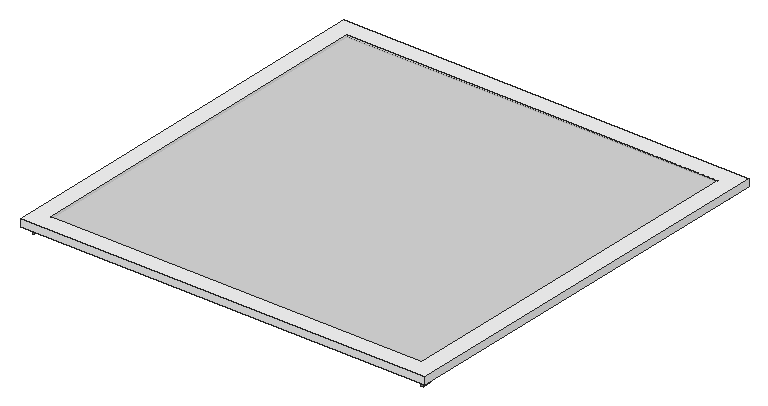
Revit family "0047751 Feilo Sylvania Lighting Fixtures START FLAT 600 4000K G2", category Lighting Fixtures, host Face, Revit 2017
Family settings
  Host = Face
  Round Connector Dimension = Use Diameter
  Part Type = Normal
  OmniClass Number = 23.80.70.11.17
  OmniClass Title = Specialized Lighting by Location or Use
  Cut with Voids When Loaded = No
  Light Source = Yes
  Shared = No
  Room Calculation Point = No
Parameters (values of type "0047751 START FLAT 600 4000K G2")
  Weight = "12.25 kg"
  Wattage = 39 W
  WarrantyStartDate [instance] = "n/a"
  WarrantyGuarantorParts = "n/a"
  WarrantyDurationUnit = "n/a"
  WarrantyDurationParts = "n/a"
  WarrantyDescription = "n/a"
  built-in parameter 1150110 = 1 (stored number, unit not read)
  Voltage = 230 V
  URL = "http://www.sylvania-lighting.com"
  TypeName = "START FLAT 600 4000K G2"
  built-in parameter 1114217 = 1 (stored number, unit not read)
  Tilt Angle = -90.00°
  built-in parameter 1150109 = 1 (stored number, unit not read)
  built-in parameter 1150134 = 12
  built-in parameter 1150113 = 1 (stored number, unit not read)
  SerialNumber [instance] = "n/a"
  PowerFactor = 0.9
  PowerConsumption = "39 W"
  Photometric Web File = "0047751.ies"
  NominalWidth = 0.0 mm
  NominalLength = 595.0 mm
  NominalHeight = 10.5 mm
  Name = "START FLAT 600 4000K G2"
  ModelReference = "START FLAT 600 4000K G2"
  ModelNumber = "0047751"
  Material = "aluminium housing, pmma diffuser"
  ManufacturerName = "Feilo Sylvania"
  LuminousEfficacy = "104 lm/W"
  LuminaireType = ""
  LightOutputRatio = "n/a"
  LampsType = Lamp  # "Integrated LED"
  LampNominalLuminous = "4000 lm"
  LampMacAdamStep = "3"
  LampColourTemperature = "4000 K"
  LampColourRenderingIndex = "80"
  Keynote = "16500"
  InstallationDate [instance] = "n/a"
  InputVoltage = "220-240V~"
  InputNominalFrequency = "50/60 Hz"
  IngressProtection = "IP20"
  ImpactProtectionIndex = "IK03"
  IfcExportType = "IfcLightFixtureType"
  IfcExportAs = "IfcLightFixtureType"
  ExpectedLife = 50000
  ElectricShockClassification = "Class II"
  DurationUnit = "hours"
  DocumentationLiterature = "http://www.sylvania-lighting.com/product/en-int/products/0047751"
  DimmingControlOptions = "n/a"
  DiffuserMaterial = Polycarbonate_Sylvania_Startflat Panel LED_Opal
  Cutout Width = 574.0 mm
  Cutout Length = 574.0 mm
  CreatedOn = "11/30/2017"
  CreatedBy = ""
  built-in parameter 1114216 [instance] = 1 (stored number, unit not read)
  Model = "START FLAT 600 4000K G2"
  Manufacturer = "Feilo-Sylvania Group"
  built-in parameter 1150105 = 322.77 (stored number, unit not read)
  Lumens = 4056 lm
  built-in parameter 1150115 = 1 (stored number, unit not read)
  built-in parameter 1150137 = (empty or 0)
  built-in parameter 1150139 = (empty or 0)
  built-in parameter 1150112 = 1 (stored number, unit not read)
  built-in parameter 1150114 = 1 (stored number, unit not read)
  Lamp = "Integrated LED"  # constant formula
  built-in parameter 1150132 = 2
  built-in parameter 1150102 = (empty or 0)
  built-in parameter 1150107 = 4000 (stored number, unit not read)
  built-in parameter 1150138 = (empty or 0)
  built-in parameter 1150106 = 3.2277 (stored number, unit not read)
  BodyMaterial = Metal_Sylvania_Startflat Panel LED_White
  Emit from Rectangle Width = 545.0 mm
  Emit from Rectangle Length = 545.0 mm
  Emit Shape Visible in Rendering = no
  built-in parameter 1150104 = 9.6619 (stored number, unit not read)
  Dimming Lamp Color Temperature Shift = <None>
  Description = "Ultra thin LED Panel, excellent uniformity of light, perfect for ceilings with low voids, high efficacy.Ulta thin edgelit LED 600x600mm Panel with, excellent uniform light distribution. Acrylic PMMA diffuser optimising light output whilst reducing glare. 4239lm 93lm/W."  # constant formula
  Default Elevation = 0.0 mm
  Color Filter = 16777215
  built-in parameter 1140040 [instance] = 1
  BarCode [instance] = "n/a"
  built-in parameter 1114218 = 1 (stored number, unit not read)
  built-in parameter 1150133 = 10 (stored number, unit not read)
  AssetType = "Fixed"
  AssetIdentifier [instance] = "n/a"
  Assembly Code = "D5020200"
  Apparent Load = 39 VA
  MountingMaterial = Metal_Sylvania_Startflat Panel LED_Silver
Reference planes
  plane 1 "Center (Front/Back)": y = 0
  plane 2 "Fixture Top": z = 0
  plane 3 "Center (Left/Right)": x = 0
  plane 4: x = 295.5
  plane 5: x = -295.5
  plane 6 "Fixture Back": y = 297.5
  plane 7 "Fixture Front": y = -297.5
  plane 8 "Fixture Left": x = -297.5
  plane 9 "Fixture Right": x = 297.5
  plane 10: y = 295.5
  plane 11: y = -295.5
  plane 12: x = 272.5
  plane 13: x = -272.5
  plane 14: y = 272.5
  plane 15: y = -272.5
  plane 16: x = -287
  plane 17: x = 287
  plane 18: y = 287
  plane 19: y = -287
  plane 20 "Fixture Bottom": z = 10.5
  plane 21: z = 8.5
  plane 22: z = 6.5
  plane 23: z = -10
  plane 24: z = 2
Forms (mm)
  Extrusion 1, void
    sketch origin (0, 0, 60) x (-1, 0, 0) y (0, -1, 0)
      loop
        line (287, -287) -> (287, 287) -> (-287, 287) -> (-287, -287) -> (287, -287)
    from -70 to -60
  Extrusion 2, solid, material "Metal_Sylvania_Startflat Panel LED_White" <- "BodyMaterial", detail levels fine
    sketch origin (0, 0, 60) x (-1, 0, 0) y (0, -1, 0)
      loop
        line (297.5, -297.5) -> (297.5, 297.5) -> (-297.5, 297.5) -> (-297.5, -297.5) -> (297.5, -297.5)
      loop
        line (272.5, -272.5) -> (272.5, 272.5) -> (-272.5, 272.5) -> (-272.5, -272.5) -> (272.5, -272.5)
    from -51.5 to -49.5
  Extrusion 3, solid, material "Metal_Sylvania_Startflat Panel LED_White" <- "BodyMaterial", detail levels fine
    sketch origin (0, 0, 60) x (-1, 0, 0) y (0, -1, 0)
      loop
        line (297.5, -297.5) -> (297.5, 297.5) -> (-297.5, 297.5) -> (-297.5, -297.5) -> (297.5, -297.5)
      loop
        line (295.5, -295.5) -> (295.5, 295.5) -> (-295.5, 295.5) -> (-295.5, -295.5) -> (295.5, -295.5)
    from -60 to -51.5
  Extrusion 4, solid, material "Polycarbonate_Sylvania_Startflat Panel LED_Opal" <- "DiffuserMaterial", detail levels fine
    sketch origin (0, 0, 60) x (-1, 0, 0) y (0, -1, 0)
      loop
        line (295.5, -295.5) -> (295.5, 295.5) -> (-295.5, 295.5) -> (-295.5, -295.5) -> (295.5, -295.5)
    from -53.5 to -51.5
  Extrusion 5, solid, material "Metal_Sylvania_Startflat Panel LED_Silver" <- "MountingMaterial", detail levels fine
    sketch origin (0, 0, 60) x (-1, 0, 0) y (0, -1, 0)
      loop
        line (287, -287) -> (287, -272.5) -> (284, -272.5) -> (284, -287) -> (287, -287)
      loop
        line (-284, -287) -> (-284, -272.5) -> (-287, -272.5) -> (-287, -287) -> (-284, -287)
      loop
        line (-284, 272.5) -> (-284, 287) -> (-287, 287) -> (-287, 272.5) -> (-284, 272.5)
      loop
        line (284, 272.5) -> (287, 272.5) -> (287, 287) -> (284, 287) -> (284, 272.5)
    from -70 to -60
  Extrusion 6, solid, material "Metal_Sylvania_Startflat Panel LED_White" <- "BodyMaterial", detail levels fine
    sketch origin (0, 0, 60) x (-1, 0, 0) y (0, -1, 0)
      loop
        line (297.5, -297.5) -> (297.5, 297.5) -> (-297.5, 297.5) -> (-297.5, -297.5) -> (297.5, -297.5)
    from -60 to -58
  Extrusion 7, solid, material "Metal_Sylvania_Startflat Panel LED_White" <- "BodyMaterial", detail levels coarse+medium
    sketch origin (0, 0, 60) x (-1, 0, 0) y (0, -1, 0)
      loop
        line (297.5, -297.5) -> (297.5, 297.5) -> (-297.5, 297.5) -> (-297.5, -297.5) -> (297.5, -297.5)
    from -60 to -49.5
Cuts and joins
  joined: Extrusion 2, Extrusion 3, Extrusion 6
Dimensions and locks
  equal spacing: plane 6 "Fixture Back", plane 1 "Center (Front/Back)", plane 7 "Fixture Front"
  locked: plane 6 "Fixture Back" to plane 7 "Fixture Front" at 595
  equal spacing: plane 8 "Fixture Left", plane 3 "Center (Left/Right)", plane 9 "Fixture Right"
  locked: plane 8 "Fixture Left" to plane 9 "Fixture Right" at 595
  locked: plane 8 "Fixture Left" to plane 5 at 2
  locked: plane 4 to plane 9 "Fixture Right" at 2
  locked: plane 6 "Fixture Back" to plane 10 at 2
  locked: plane 11 to plane 7 "Fixture Front" at 2
  locked: plane 12 to plane 9 "Fixture Right" at 25
  locked: plane 8 "Fixture Left" to plane 13 at 25
  locked: plane 6 "Fixture Back" to plane 14 at 25
  locked: plane 15 to plane 7 "Fixture Front" at 25
  equal spacing: plane 16, plane 3 "Center (Left/Right)", plane 17
  "Cutout Length": plane 16 to plane 17
  equal spacing: plane 18, plane 1 "Center (Front/Back)", plane 19
  "Cutout Width": plane 18 to plane 19
  locked: plane 20 "Fixture Bottom" to plane 2 "Fixture Top" at 10.5
  plane 20 "Fixture Bottom" to plane 21 to plane 22 = 2.0 mm locked, 2.0 mm locked
  locked: plane 2 "Fixture Top" to plane 23 at 10
  locked: plane 16 to Extrusion 5 sketch curve at 3
  locked: Extrusion 5 sketch curve to plane 17 at 3
  locked: plane 24 to plane 2 "Fixture Top" at 2
  aligned and locked: level to host face
  aligned and locked: imposter light to plane 1 "Center (Front/Back)"
  aligned and locked: plane 2 "Fixture Top" to Extrusion 1
  aligned and locked: Extrusion 2 sketch curve to plane 6 "Fixture Back"
  aligned and locked: plane 8 "Fixture Left" to Extrusion 2 sketch curve
  aligned and locked: plane 7 "Fixture Front" to Extrusion 2 sketch curve
  aligned and locked: Extrusion 2 sketch curve to plane 9 "Fixture Right"
  aligned and locked: Extrusion 2 sketch curve to plane 14
  aligned and locked: plane 13 to Extrusion 2 sketch curve
  aligned and locked: plane 15 to Extrusion 2 sketch curve
  aligned and locked: Extrusion 2 sketch curve to plane 12
  aligned and locked: Extrusion 3 sketch curve to Extrusion 2  (x4)
  aligned and locked: Extrusion 3 sketch curve to plane 10
  aligned and locked: plane 5 to Extrusion 3 sketch curve
  aligned and locked: plane 11 to Extrusion 3 sketch curve
  aligned and locked: Extrusion 3 sketch curve to plane 4
  aligned and locked: Extrusion 4 sketch curve to cut or joined group of Extrusion 2, Extrusion 3, Extrusion 6  (x4)
  aligned and locked: plane 16 to Extrusion 1 sketch curve
  aligned and locked: Extrusion 1 sketch curve to plane 17
  aligned and locked: Extrusion 1 sketch curve to plane 18
  aligned and locked: plane 19 to Extrusion 1 sketch curve
  aligned and locked: plane 20 "Fixture Bottom" to cut or joined group of Extrusion 2, Extrusion 3, Extrusion 6
  aligned and locked: cut or joined group of Extrusion 2, Extrusion 3, Extrusion 6 to plane 21
  aligned and locked: plane 21 to cut or joined group of Extrusion 2, Extrusion 3, Extrusion 6
  aligned and locked: cut or joined group of Extrusion 2, Extrusion 3, Extrusion 6 to plane 2 "Fixture Top"
  aligned and locked: plane 21 to Extrusion 4
  aligned and locked: Extrusion 4 to plane 22
  aligned and locked: level to plane 2 "Fixture Top"
  aligned and locked: plane 3 "Center (Left/Right)" to imposter light
  aligned and locked: plane 20 "Fixture Bottom" to imposter light
  aligned and locked: Extrusion 5 sketch curve to plane 18  (x2)
  aligned and locked: plane 16 to Extrusion 5 sketch curve
  aligned and locked: cut or joined group of Extrusion 2, Extrusion 3, Extrusion 6 to Extrusion 5 sketch curve  (x3)
  aligned and locked: plane 14 to Extrusion 5 sketch curve
  aligned and locked: Extrusion 5 sketch curve to plane 17  (x2)
  aligned and locked: plane 19 to Extrusion 5 sketch curve
  aligned and locked: Extrusion 5 sketch curve to plane 19
  aligned and locked: Extrusion 5 sketch curve to plane 16
  aligned and locked: Extrusion 5 to plane 23
  aligned and locked: Extrusion 5 sketch curve to Extrusion 5 sketch curve  (x2)
  aligned and locked: Extrusion 6 sketch curve to cut or joined group of Extrusion 2, Extrusion 3, Extrusion 6  (x4)
  aligned and locked: Extrusion 6 to plane 2 "Fixture Top"
  aligned and locked: plane 24 to Extrusion 6
  aligned and locked: plane 2 "Fixture Top" to Extrusion 5
  aligned and locked: Extrusion 7 sketch curve to cut or joined group of Extrusion 2, Extrusion 3, Extrusion 6  (x4)
  aligned and locked: Extrusion 7 to plane 2 "Fixture Top"
  aligned and locked: plane 20 "Fixture Bottom" to Extrusion 7
  aligned and locked: Extrusion 1 to Extrusion 5
Automatic sketch dimensions
  host sketch curve to host sketch curve = 1461.012 mm
  host sketch curve to host sketch curve = 1283.632 mm
Connectors
  electrical at (0, 0, 0), driven by "Apparent Load"
    settings: on cut or joined group of Extrusion 2, Extrusion 3, Extrusion 6, index 1, voltage 230 V, apparent load 0 VA, apparent load phase1 39 VA, apparent load phase2 0 VA, apparent load phase3 0 VA, power factor 1, load classification "Lighting", number of poles 1, system type 31, power factor state 1, is connector primary yes, connector utility no, sub classification motor no, connector description ""
